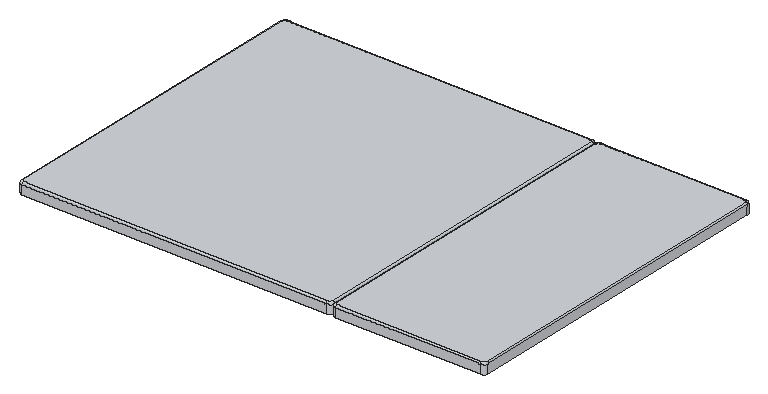
Revit family "Accessory-Flush_Actuator_Plate-KOHLER-Conceal-K-31209T_1", category Specialty Equipment, host Face, Revit 2021
Family settings
  Host = Face
  Round Connector Dimension = Use Diameter
  Part Type = Normal
  OmniClass Number = 23.31.25.00
  OmniClass Title = Toilet and Bath Specialties
  Cut with Voids When Loaded = No
  Shared = No
  Room Calculation Point = No
Parameters (values of type "CP-Polished Chrome")
  Width = 25/128"  # constant formula
  WaterSense Certified = 1 = 0  # no
  URL = "http://www.kohler.com.cn/"
  Type = 1
  Product Page URL = ""
  Product Name = "Conceal"  # constant formula
  Product Documentation Link = ""
  Model = if(Type = 1, "K-31209T-PNE-CP", if(Type = 2, " K-31209T-PNEF-2BL", if(Type = 3, "K-31209T-PNEF-BV", if(Type = 4, "K-31209T-PNEF-BN", "NA"))))  # "K-31209T-PNE-CP"
  Material = "Premium Metal Construction"  # constant formula
  Master Format 2014 Name = "Toilet, Bath, and Laundry Accessories"  # constant formula
  Master Format 2014 = "10 28 00"  # constant formula
  Manufacturer Address = "Kohler Beijing Office (100016) 36-2-03-B, No. 88, Liuxiang Road, Beijing"  # constant formula
  Manufacturer = "Kohler Co."  # constant formula
  Length = 8 27/32"  # constant formula
  Height = 6 77/256"  # constant formula
  Finish = Kohler-Metal-CP-Polished_Chrome
  Environmental Product Declaration = ""
  Description = "Pneumatic In-Wall Tank Faceplate"  # constant formula
  Default Elevation = 42"
  Declare Label = ""
  Date Modified = "08/17/2022"  # constant formula
  Date Created = "08/17/2022"  # constant formula
  Copyright = "Copyright Kohler Co."  # constant formula
  Contact Us = "http://www.kohler.com.cn/contact/contact-us/"
  Assembly Code = "C1030200"
  ADA Compliant = 1 = 0  # no
Types (5): name | Type | Model | Finish
  (no name) | 1 | "K-31209T-PNE-CP" | Kohler-Metal-CP-Polished_Chrome
  CP-Polished Chrome | 1 | "K-31209T-PNE-CP" | Kohler-Metal-CP-Polished_Chrome
  With PVD, 2BL-Black | 2 | " K-31209T-PNEF-2BL" | KOHLER-Metal-2BL-Black
  With PVD, BV-Brushed Bronze | 3 | "K-31209T-PNEF-BV" | Kohler-Metal-BV-Brushed_Bronze
  With PVD, BN-Vibrant Brushed Nickel | 4 | "K-31209T-PNEF-BN" | Kohler-Metal-BN-Vibrant_Brushed_Nickel
Reference planes (in)
  plane 1 "Center (Front/Back)": y = 0
  plane 2: z = 0
  plane 3 "Center (Left/Right)": x = 0
  plane 4: x = -4.42126
  plane 5: x = 4.42249
  plane 6: y = 3.14961
  plane 7: y = -3.15117
  plane 8: x = 1.52879
  plane 9: x = 1.50394
  plane 10: z = 0.19531
Dimensions and locks (in)
  plane 4 to plane 9 = 5.9252"
  plane 8 to plane 5 = 2.8937"
  "Height": plane 6 to plane 7
  "Width": level to plane 10
  "Length": plane 4 to plane 5
  aligned and locked: plane 2 to host face
  aligned and locked: level to host face
  aligned and locked: plane 3 "Center (Left/Right)" to nested 1
  aligned and locked: plane 1 "Center (Front/Back)" to nested 1
Automatic sketch dimensions
  host sketch curve to host sketch curve = 96"  (x2)
Nested families (in)
  nested 1: "K-31209T" at (0, 0, 0), type "K-31209T"
Definition of nested family "K-31209T"
  Parameters
    Material = none
    Default Elevation = 0"
  Reference planes (in)
    plane 1 "Center (Front/Back)": y = 0
    plane 2: z = 0
    plane 3 "Center (Left/Right)": x = 0
    plane 4: x = -4.42126
    plane 5: x = 4.42126
    plane 6: y = -3.14961
    plane 7: y = 3.14961
    plane 8: x = 1.52756
    plane 9: x = 1.50394
    plane 10: z = 0.19685
  Forms (in)
    Sweep 1, solid, material <- "Material", detail levels medium+fine
      path origin (0, 0, 0) x (1, 0, 0) y (0, 1, 0)
        loop
          line (1.4252, 3.14961) -> (-4.34252, 3.14961)
          arc (-4.34252, 3.14961) -> (-4.3982, 3.12654) -> (-4.42126, 3.07087) r 0.07874
          line (-4.42126, 3.07087) -> (-4.42126, -3.07087)
          arc (-4.42126, -3.07087) -> (-4.3982, -3.12654) -> (-4.34252, -3.14961) r 0.07874
          line (-4.34252, -3.14961) -> (1.4252, -3.14961)
          arc (1.4252, -3.14961) -> (1.48087, -3.12654) -> (1.50394, -3.07087) r 0.07874
          line (1.50394, -3.07087) -> (1.50394, 3.07087)
          arc (1.50394, 3.07087) -> (1.48087, 3.12654) -> (1.4252, 3.14961) r 0.07874
      profile origin (-1.45866, -3.14961, 0) x (0, -1, 0) y (0, 0, 1)
        loop
          line (0, 0) -> (0, 0.16535)
          arc (0, 0.16535) -> (-0.00922, 0.18763) -> (-0.0315, 0.19685) r 0.0315
          line (-0.0315, 0.19685) -> (-0.07471, 0.19685) -> (-0.07471, 0) -> (0, 0)
    Extrusion 2, solid, material <- "Material", detail levels medium+fine
      sketch origin (0, 0, 0) x (1, 0, 0) y (0, 1, 0)
        loop
          line (1.42922, -3.07489) -> (1.42922, 3.07489) -> (-4.34655, 3.07489) -> (-4.34655, -3.07489) -> (1.42922, -3.07489)
      from 0 to 0.19685
    Sweep 3, solid, material <- "Material", detail levels medium+fine
      path origin (0, 0, 0) x (1, 0, 0) y (0, 1, 0)
        loop
          line (4.34252, 3.14961) -> (1.6063, 3.14961)
          arc (1.6063, 3.14961) -> (1.55062, 3.12654) -> (1.52756, 3.07087) r 0.07874
          line (1.52756, 3.07087) -> (1.52756, -3.07087)
          arc (1.52756, -3.07087) -> (1.55062, -3.12654) -> (1.6063, -3.14961) r 0.07874
          line (1.6063, -3.14961) -> (4.34252, -3.14961)
          arc (4.34252, -3.14961) -> (4.3982, -3.12654) -> (4.42126, -3.07087) r 0.07874
          line (4.42126, -3.07087) -> (4.42126, 3.07087)
          arc (4.42126, 3.07087) -> (4.3982, 3.12654) -> (4.34252, 3.14961) r 0.07874
      profile origin (2.97441, -3.14961, 0) x (0, -1, 0) y (0, 0, 1)
        loop
          arc (0, 0.16971) -> (-0.00795, 0.1889) -> (-0.02714, 0.19685) r 0.02714
          line (-0.02714, 0.19685) -> (-0.0781, 0.19685) -> (-0.0781, 0) -> (0, 0) -> (0, 0.16971)
    Extrusion 4, solid, material <- "Material", detail levels medium+fine
      sketch origin (0, 0, 0) x (1, 0, 0) y (0, 1, 0)
        loop
          line (1.60566, 3.0715) -> (1.60566, -3.0715) -> (4.34316, -3.0715) -> (4.34316, 3.0715) -> (1.60566, 3.0715)
      from 0 to 0.19685
    Extrusion 5, solid, material <- "Material", detail levels coarse
      sketch origin (0, 0, 0) x (1, 0, 0) y (0, 1, 0)
        loop
          line (-4.42126, 3.14961) -> (-4.42126, -3.14961) -> (1.50394, -3.14961) -> (1.50394, 3.14961) -> (-4.42126, 3.14961)
        loop
          line (1.52756, 3.14961) -> (1.52756, -3.14961) -> (4.42126, -3.14961) -> (4.42126, 3.14961) -> (1.52756, 3.14961)
      from 0 to 0.19685
  Cuts and joins
    joined: Sweep 1, Extrusion 2
    joined: Sweep 3, Extrusion 4
  Lines and regions (in)
    Masking region 1
      outline origin (0, 0, 0) x (1, 0, 0) y (0, 1, 0)
        loop
          arc (-4.34252, 3.14961) -> (-4.3982, 3.12654) -> (-4.42126, 3.07087) r 0.07874
          line (-4.42126, 3.07087) -> (-4.42126, -3.07087)
          arc (-4.42126, -3.07087) -> (-4.3982, -3.12654) -> (-4.34252, -3.14961) r 0.07874
          line (-4.34252, -3.14961) -> (1.4252, -3.14961)
          arc (1.4252, -3.14961) -> (1.48087, -3.12654) -> (1.50394, -3.07087) r 0.07874
          line (1.50394, -3.07087) -> (1.50394, 3.07087)
          arc (1.50394, 3.07087) -> (1.48087, 3.12654) -> (1.4252, 3.14961) r 0.07874
          line (1.4252, 3.14961) -> (-4.34252, 3.14961)
        loop
          arc (4.34252, -3.14961) -> (4.3982, -3.12654) -> (4.42126, -3.07087) r 0.07874
          line (4.42126, -3.07087) -> (4.42126, 3.07087)
          arc (4.42126, 3.07087) -> (4.3982, 3.12654) -> (4.34252, 3.14961) r 0.07874
          line (4.34252, 3.14961) -> (1.6063, 3.14961)
          arc (1.6063, 3.14961) -> (1.55062, 3.12654) -> (1.52756, 3.07087) r 0.07874
          line (1.52756, 3.07087) -> (1.52756, -3.07087)
          arc (1.52756, -3.07087) -> (1.55062, -3.12654) -> (1.6063, -3.14961) r 0.07874
          line (1.6063, -3.14961) -> (4.34252, -3.14961)
    Masking region 2
      outline origin (0, 0, 0) x (1, 0, 0) y (0, 0, 1)
        loop
          line (4.38976, 0.19685) -> (1.55906, 0.19685)
          arc (1.55906, 0.19685) -> (1.53678, 0.18763) -> (1.52756, 0.16535) r 0.0315
          line (1.52756, 0.16535) -> (1.52756, 0.0315)
          arc (1.52756, 0.0315) -> (1.53678, 0.00922) -> (1.55906, 0) r 0.0315
          line (1.55906, 0) -> (4.38976, 0)
          arc (4.38976, 0) -> (4.41203, 0.00922) -> (4.42126, 0.0315) r 0.0315
          line (4.42126, 0.0315) -> (4.42126, 0.16535)
          arc (4.42126, 0.16535) -> (4.41203, 0.18763) -> (4.38976, 0.19685) r 0.0315
        loop
          line (1.47244, 0.19685) -> (-4.38976, 0.19685)
          arc (-4.38976, 0.19685) -> (-4.41203, 0.18763) -> (-4.42126, 0.16535) r 0.0315
          line (-4.42126, 0.16535) -> (-4.42126, 0.0315)
          arc (-4.42126, 0.0315) -> (-4.41203, 0.00922) -> (-4.38976, 0) r 0.0315
          line (-4.38976, 0) -> (1.47244, 0)
          arc (1.47244, 0) -> (1.49471, 0.00922) -> (1.50394, 0.0315) r 0.0315
          line (1.50394, 0.0315) -> (1.50394, 0.16535)
          arc (1.50394, 0.16535) -> (1.49471, 0.18763) -> (1.47244, 0.19685) r 0.0315
    Masking region 3
      outline origin (0, 0, 0) x (0, 1, 0) y (0, 0, 1)
        loop
          arc (-3.11811, 0.19685) -> (-3.14038, 0.18763) -> (-3.14961, 0.16535) r 0.0315
          line (-3.14961, 0.16535) -> (-3.14961, 0) -> (3.14961, 0) -> (3.14961, 0.16535)
          arc (3.14961, 0.16535) -> (3.14038, 0.18763) -> (3.11811, 0.19685) r 0.0315
          line (3.11811, 0.19685) -> (-3.11811, 0.19685)
    symbolic lines, detail levels medium+fine
      curve 1: line (-4.34252, 3.14961, 0) -> (-4.34252, -3.14961, 0)
      curve 2: line (-4.42126, -3.07087, 0) -> (1.50394, -3.07087, 0)
      curve 3: line (1.4252, -3.14961, 0) -> (1.4252, 3.14961, 0)
      curve 4: line (1.50394, 3.07087, 0) -> (-4.42126, 3.07087, 0)
      curve 5: line (1.52756, -3.07087, 0) -> (4.42126, -3.07087, 0)
      curve 6: line (1.6063, 3.14961, 0) -> (1.6063, -3.14961, 0)
      curve 7: line (4.34252, -3.14961, 0) -> (4.34252, 3.14961, 0)
      curve 8: line (4.42126, 3.07087, 0) -> (1.52756, 3.07087, 0)
      curve 9: line (4.38976, 0, 0) -> (4.38976, 0, 0.19685)
      curve 10: line (4.42126, 0, 0.16535) -> (1.52756, 0, 0.16535)
      curve 11: line (1.55906, 0, 0.19685) -> (1.55906, 0, 0)
      curve 12: line (1.47244, 0, 0.19685) -> (1.47244, 0, 0)
      curve 13: line (1.50394, 0, 0.16535) -> (-4.42126, 0, 0.16535)
      curve 14: line (0, -3.11811, 0.19685) -> (0, -3.11811, 0)
      curve 15: line (0, -3.14961, 0.16535) -> (0, 3.14961, 0.16535)
      curve 16: line (0, 3.11811, 0.19685) -> (0, 3.11811, 0)
      curve 17: line (-4.38976, 0, 0.19685) -> (-4.38976, 0, 0)
  Dimensions and locks (in)
    locked: plane 4 to plane 5 at 8.84252
    locked: plane 6 to plane 7 at 6.29921
    locked: plane 8 to plane 5 at 2.8937
    locked: plane 4 to plane 9 at 5.9252
    locked: level to plane 10 at 0.19685  (x2)
    plane 5 to plane 4 = 8.84252"  (x2)
    locked: plane 10 to level at 0.19685  (x2)
    plane 6 to plane 7 = 6.29921"
    aligned and locked: plane 2 to level
